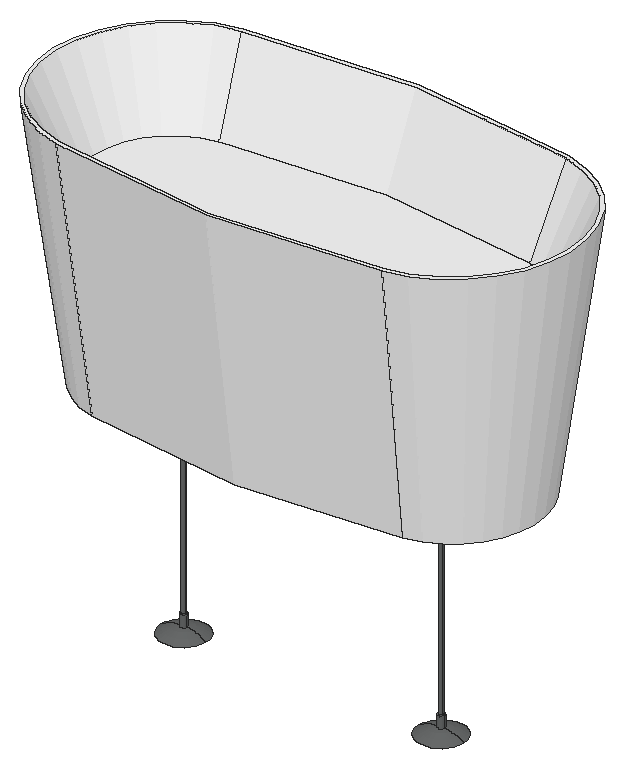
Revit family "L-O-P", category Lighting Fixtures, host Face, Revit 2014
Parameters (values of type "L-O-P-00-308LED-BS-X")
  Watts = 8 W
  Wattage Comments = "8W"
  Wattage = 9.2903 W
  Warranty = "5 years Warranty"  # constant formula
  built-in parameter 1150110 = 1 (stored number, unit not read)
  Voltage = 120 V
  URL = "https://www.hubbell.com/securitylighting/en"
  built-in parameter 1114217 = 1 (stored number, unit not read)
  Tilt Angle = 60.00°
  built-in parameter 1150109 = 1 (stored number, unit not read)
  built-in parameter 1150134 = 3
  built-in parameter 1150113 = 1 (stored number, unit not read)
  Reflector Finish = Hubbell - White Glass
  Product Link = "https://www.hubbell.com/securitylighting/en/Products/Lighting-Controls/Commercial-Indoor-Lighting/Pendant-Lighting/Oval-Pendant/p/3027648"
  Product Documentation Link = "https://hubbellcdn.com/specsheet/sl_0039_oval_spec.pdf"
  Power Factor = 1
  Photometric Web File = "generic"
  Pendent Height [instance] = 12"
  built-in parameter 1150142 = (empty or 0)
  Model = "L-O-P"  # constant formula
  Manufacturer = "Security Lighting"  # constant formula
  built-in parameter 1150105 = 109.82 (stored number, unit not read)
  Lumens = 1380 lm
  built-in parameter 1150115 = 1 (stored number, unit not read)
  Load Classification = Lighting
  built-in parameter 1150137 = (empty or 0)
  built-in parameter 1150139 = (empty or 0)
  built-in parameter 1150112 = 1 (stored number, unit not read)
  built-in parameter 1150114 = 1 (stored number, unit not read)
  Lamp = "LED"  # constant formula
  LF = MS : P
  built-in parameter 1150132 = (empty or 0)
  built-in parameter 1150102 = (empty or 0)
  built-in parameter 1150107 = 3200 (stored number, unit not read)
  built-in parameter 1150138 = (empty or 0)
  built-in parameter 1150106 = 1.0982 (stored number, unit not read)
  Housing Material = Paint - Hubbell - Matte White
  Fixture distribution = "Direct"  # constant formula
  Features = "Socket Assemblies provided with 8 feet of wire\r\nLED lamps are GU24 base\r\n90 CRI for high color rendering ability.\r\nAvailable in custom sizes, shapes, and colors\r\nOffered with a range of LED lamp options in various lumen packages\r\nStems consists of canopy, (1) 30” and (2) 12” rigid rod segments"  # constant formula
  Emit from Rectangle Width = 13"  # constant formula
  Emit from Rectangle Length = 25"  # constant formula
  Emit Shape Visible in Rendering = no
  built-in parameter 1150104 = 13.8 (stored number, unit not read)
  Drum-Height = 24"
  Dimming Lamp Color Temperature Shift = <None>
  Description = "These shades are uniquely engineered to suit all high traffic areas in demanding restaurant environments and include a durable fabric look material which can be cleaned. With white interior color, shades are translucent and provide the added benefit of glowing effect."  # constant formula
  Default Elevation = 48"
  Copyright = " ©2020 Security Lighting, a division of Hubbell Lighting, Inc"  # constant formula
  Contact = "https://www.hubbell.com/securitylighting/en/contactUs"
  Connector Description = "Lighting Connector"  # constant formula
  Color Filter = 16777215
  built-in parameter 1114218 = 1 (stored number, unit not read)
  built-in parameter 1150133 = 10 (stored number, unit not read)
  Assembly Code = "D5020200"
  Apparent Load = Watts / Power Factor  # 8 VA
Types (9): name | Housing Material
  (no name) | Paint - Hubbell - Matte White
  L-O-P-00-308LED-BS-X | Paint - Hubbell - Matte White
  L-O-P-Y0-308LED-BS-X | Hubbell - Yellow
  L-O-P-CG-308LED-BS-X | Paint - Hubbell - Gray Smooth
  L-O-P-WB-308LED-BS-X | Hubbell - Warm Brown
  L-O-P-RD-308LED-BS-X | Hubbell - Red
  L-O-P-GN-308LED-BS-X | Paint - Hubbell - Green Textured
  L-O-P-OR-308LED-BS-X | Hubbell - Orange
  L-O-P-BL-308LED-BS-X | Hubbell - Blue
Reference planes (in)
  plane 1 "Center (Front/Back)": y = 0
  plane 2: z = 0
  plane 3 "Center (Left/Right)": x = 0
  plane 4: z = 12
  plane 5: z = 15.5
Dimensions and locks (in)
  "Pendent Height": plane 4 to plane 2
  locked: plane 5 to plane 4 at 3.5
  aligned and locked: plane 2 to host face
  aligned and locked: level to host face
  aligned and locked: plane 1 "Center (Front/Back)" to nested 1
  aligned and locked: plane 3 "Center (Left/Right)" to nested 1
  aligned and locked: imposter light to plane 1 "Center (Front/Back)"
Automatic sketch dimensions
  host sketch curve to host sketch curve = 96"  (x2)
Nested families (in)
  nested 1: "MS" at (0, 0, 0), Pendent Height <- "Pendent Height", type "P"
    with Pendent Height 12"
Connectors (in)
  electrical at (-0.00321, 0, 10.57698), driven by "Load Classification", driven by "Voltage", driven by "Apparent Load", driven by "Power Factor", driven by "Connector Description"
    settings: on nested 1, index 1, voltage 120 V, apparent load 8 VA, apparent load phase1 0 VA, apparent load phase2 0 VA, apparent load phase3 0 VA, power factor 1, load classification "Lighting", number of poles 1, system type 30, power factor state 1, is connector primary yes, connector utility no, sub classification motor no, connector description "Lighting Connector"
Definition of nested family "MS"
  Parameters (values of type "P")
    Width = 14"
    Wattage Comments = ""
    URL = ""
    Rod Material = Paint - Hubbell - Basic Black Textured
    Reflector Finish = Hubbell - White Glass
    Pendent Height [instance] = 12"
    Pendant Material = Paint - Hubbell - Matte White
    Outter Length = 30"
    Model = ""
    Manufacturer = ""
    Load Classification = Lighting
    Length = 3.9"
    Lamp = ""
    L2 = L1 - 0.1"  # 1.85"
    L1 = Length / 2  # 1.95"
    Height = 14"
    Description = ""
    Default Elevation = 48"
    Apparent Load = 0 VA  # constant formula
  Reference planes (in)
    plane 1 "Center (Front/Back)": y = 0
    plane 2: z = 0
    plane 3 "Center (Left/Right)": x = 0
    plane 4: y = -7
    plane 5: y = 7
    plane 6: z = 12
    plane 7: x = -1.95
    plane 8: x = 1.95
    plane 9: z = 26
    plane 10: x = 15
    plane 11: x = -15
  Forms (in)
    Extrusion 1, solid
      sketch origin (0, 0, 0) x (1, 0, 0) y (0, 1, 0)
        loop
          line (-48, 48) -> (-48, -48) -> (48, -48) -> (48, 48) -> (-48, 48)
      from 0 to -1.25
    Blend 2, solid, material "Paint - Hubbell - Matte White" <- "Pendant Material"
      base sketch origin (0, 0, 0) x (1, 0, 0) y (0, 1, 0)
        loop
          arc (-8.85988, 6.37673) -> (-14.1, 0) -> (-8.85988, -6.37673) r 6.5
          arc (-8.85988, -6.37673) -> (0, -7.2436) -> (8.85988, -6.37673) r 45.71002
          arc (8.85988, -6.37673) -> (14.1, 0) -> (8.85988, 6.37673) r 6.5
          arc (8.85988, 6.37673) -> (0, 7.2436) -> (-8.85988, 6.37673) r 45.71002
      top sketch origin (0, 0, 0) x (1, 0, 0) y (0, 1, 0)
        loop
          arc (8.47223, 4.41466) -> (0, 5.2436) -> (-8.47223, 4.41466) r 43.71002
          arc (-8.47223, 4.41466) -> (-12.1, 0) -> (-8.47223, -4.41466) r 4.5
          arc (-8.47223, -4.41466) -> (0, -5.2436) -> (8.47223, -4.41466) r 43.71002
          arc (8.47223, -4.41466) -> (12.1, 0) -> (8.47223, 4.41466) r 4.5
      from 26 to 12
    Revolve 3, solid, material "Paint - Hubbell - Basic Black Textured" <- "Rod Material"
      sketch origin (36.50321, 0, 0) x (1, 0, 0) y (0, 0, 1)
        loop
          line (-29.5, 12) -> (-29.5, 0) -> (-28.2655, 0)
          arc (-28.2655, 0) -> (-28.77123, 0.2452) -> (-29.3207, 0.36334) r 2.3506
          line (-29.3207, 0.36334) -> (-29.3207, 0.96114) -> (-29.4, 0.96114) -> (-29.4, 1.04704) -> (-29.4, 12) -> (-29.5, 12)
        axis (-29.5, 12) -> (-29.5, 0)
      angle from 0 to 360
    Revolve 4, solid, material "Paint - Hubbell - Basic Black Textured" <- "Rod Material"
      sketch origin (-36.50321, 0, 0) x (-1, 0, 0) y (0, 0, -1)
        loop
          line (-29.5, -12) -> (-29.4, -12) -> (-29.4, -1.04704) -> (-29.4, -0.96114) -> (-29.3207, -0.96114) -> (-29.3207, -0.36334)
          arc (-29.3207, -0.36334) -> (-28.77123, -0.2452) -> (-28.2655, 0) r 2.3506
          line (-28.2655, 0) -> (-29.5, 0) -> (-29.5, -12)
        axis (-29.5, -12) -> (-29.5, 0)
      angle from 0 to 360
    Blend 5, void
      base sketch origin (0, 0, 0) x (1, 0, 0) y (0, 1, 0)
        loop
          arc (8.82112, 6.18052) -> (0, 7.0436) -> (-8.82112, 6.18052) r 45.51002
          arc (-8.82112, 6.18052) -> (-13.9, 0) -> (-8.82112, -6.18052) r 6.3
          arc (-8.82112, -6.18052) -> (0, -7.0436) -> (8.82112, -6.18052) r 45.51002
          arc (8.82112, -6.18052) -> (13.9, 0) -> (8.82112, 6.18052) r 6.3
      top sketch origin (0, 0, 0) x (1, 0, 0) y (0, 1, 0)
        loop
          arc (8.43346, 4.21845) -> (0, 5.0436) -> (-8.43346, 4.21845) r 43.51002
          arc (-8.43346, 4.21845) -> (-11.9, 0) -> (-8.43346, -4.21845) r 4.3
          arc (-8.43346, -4.21845) -> (0, -5.0436) -> (8.43346, -4.21845) r 43.51002
          arc (8.43346, -4.21845) -> (11.9, 0) -> (8.43346, 4.21845) r 4.3
      from 26 to 21.60006
  Cuts and joins
    Blend 5 cuts Blend 2
    Blend 5 cuts Revolve 3
    Blend 5 cuts Revolve 4
  Dimensions and locks (in)
    equal spacing: plane 4, plane 1 "Center (Front/Back)", plane 5
    "Width": plane 5 to plane 4
    "Pendent Height": plane 6 to plane 2
    equal spacing: plane 8, plane 3 "Center (Left/Right)", plane 7
    "Length": plane 8 to plane 7
    "Height": plane 9 to plane 6
    "Outter Length": plane 10 to plane 11
    equal spacing: plane 10, plane 3 "Center (Left/Right)", plane 11
    aligned and locked: plane 2 to Extrusion 1
    aligned and locked: level to Extrusion 1
    aligned and locked: plane 9 to Blend 2
  Automatic sketch dimensions
    Extrusion 1 sketch curve to Extrusion 1 sketch curve = 96"  (x2)
    plane 1 "Center (Front/Back)" to Blend 2 sketch curve = 0"  (x4)
    Blend 2 sketch curve to plane 3 "Center (Left/Right)" = 0"  (x4)
    Blend 2 sketch curve to plane 7 = 5.65"  (x2)
    plane 8 to Blend 2 sketch curve = 5.65"  (x2)
    Blend 2 sketch curve to plane 4 = 31.46642"  (x2)
    plane 5 to Blend 2 sketch curve = 31.46642"  (x2)
    Blend 2 sketch curve to plane 5 = 0.62327"
    plane 4 to Blend 2 sketch curve = 0.62327"
    Blend 2 sketch curve to Blend 2 sketch curve = 0"  (x5)
    plane 4 to Blend 2 sketch curve = 2.58534"
    Revolve 3 sketch curve to plane 6 = 0"
    Revolve 3 sketch curve to level = 0"
    Revolve 3 sketch curve to level = 1.97734"
    plane 8 to Revolve 3 sketch curve = 5.01671"
    plane 8 to Revolve 3 sketch curve = 5.05321"  (x2)
    Revolve 3 sketch curve to Revolve 3 sketch curve = 0.1"
    Revolve 3 sketch curve to Revolve 3 sketch curve = 0.0793"
    Revolve 3 sketch curve to Revolve 3 sketch curve = 1.05521"
    Revolve 3 sketch curve to Revolve 3 sketch curve = 0.59781"
    Revolve 3 sketch curve to Revolve 3 sketch curve = 0.0859"
    Revolve 3 sketch curve to Revolve 3 sketch curve = 7.19022"
    plane 9 to Revolve 3 sketch curve = 85.53497"
    Revolve 4 sketch curve to plane 6 = 0"
    Revolve 4 sketch curve to level = 0"
    Revolve 4 sketch curve to level = 1.97734"
    Revolve 4 sketch curve to plane 7 = 5.01671"
    Revolve 4 sketch curve to plane 7 = 5.05321"  (x2)
    Revolve 4 sketch curve to Revolve 4 sketch curve = 0.1"
    Revolve 4 sketch curve to Revolve 4 sketch curve = 0.0793"
    Revolve 4 sketch curve to Revolve 4 sketch curve = 1.05521"
    Revolve 4 sketch curve to Revolve 4 sketch curve = 0.68371"
    Revolve 4 sketch curve to Revolve 4 sketch curve = 0.0859"
    plane 9 to Revolve 4 sketch curve = 85.53497"
    Revolve 4 sketch curve to Revolve 4 sketch curve = 7.19022"
    plane 1 "Center (Front/Back)" to Blend 5 sketch curve = 0"  (x3)
    Blend 5 sketch curve to plane 3 "Center (Left/Right)" = 0"  (x4)
    Blend 5 sketch curve to plane 7 = 5.65"
    Blend 5 sketch curve to plane 5 = 0.81948"
    plane 4 to Blend 5 sketch curve = 0.81948"  (x2)
    Blend 5 sketch curve to Blend 5 sketch curve = 0"  (x5)
    plane 8 to Blend 5 sketch curve = 6.87112"
    plane 8 to Blend 5 sketch curve = 5.65"
    Blend 5 sketch curve to plane 4 = 31.46642"
    Blend 5 sketch curve to plane 5 = 2.78155"
    Blend 5 sketch curve to plane 7 = 6.48346"
    plane 4 to Blend 5 sketch curve = 2.78155"  (x2)
    plane 8 to Blend 5 sketch curve = 6.48346"
